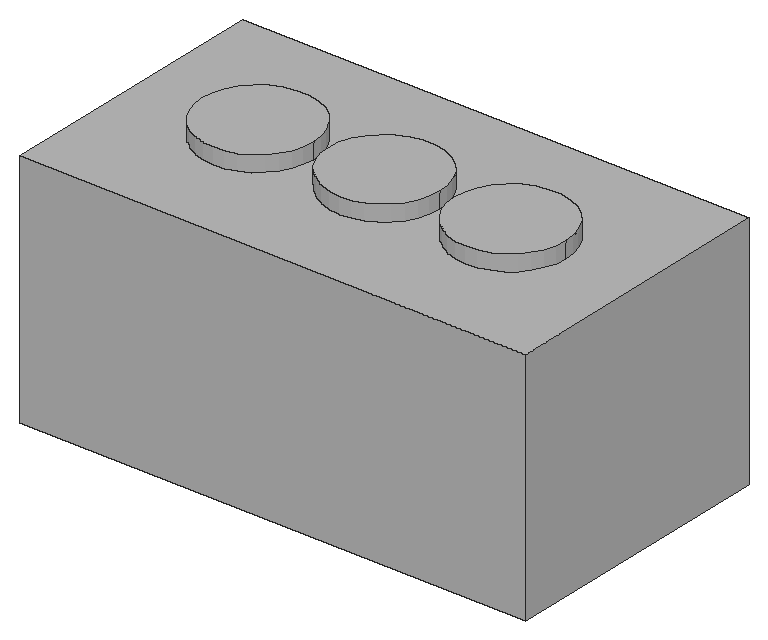
Revit family "Door-Component_Button-Control_RPP", category Generic Models, host Face, Revit 2026
Family settings
  Host = Face
  Can host rebar = No
  Round Connector Dimension = Use Diameter
  Part Type = Normal
  Classification Number = 23.30.40.11.34
  Cut with Voids When Loaded = No
  Maintain Annotation Orientation = No
  Shared = No
  Room Calculation Point = No
Parameters
  Warranty Duration (Years) = 0
  Unit Width = 0' - 7 15/16"
  Unit Height = 0' - 4 3/8"
  Unit Depth = 0' - 0"
  URL = "http://www.radiationproducts.com"
  Test Data = "http://www.radiationproducts.com/submittals.htm"
  Specification = "http://www.arcat.com/sd/clients/radiatpr.html?coid=35056"
  SpecWizard = "http://www.arcat.com/specwizard/13090rpp/index.htm?mf=&coid=35056"
  Send Message = "http://www.arcat.com/users.pl?action=UserEmail&company=Radiation%20Protection%20Products,%20Inc.&coid=35056&rep=144&fax=866-554-8445&mf="
  Sales Information = "http://www.radiationproducts.com/rfq.htm"
  Revision = "R1_01_2014"
  Product Properties = "http://www.arcat.com/bim/bim_info.pl?fn=Door_RadiationProtectionProducts"
  Product Data = "http://www.arcat.com/arcatcos/cos35/arc35056.html"
  Model = "As Specified"
  Manufacturer Website = "http://www.radiationproducts.com"
  Manufacturer Phone - Toll Free = "888-746-4777"
  Manufacturer Phone = ""
  Manufacturer Fax = "866-554-8445"
  Manufacturer Address = "1000 Superior Blvd.; Suite 310; Wayzata, MN 55391"
  Manufacturer = "Radiation Protection Products, Inc."
  Maintenance Schedule (Months) = 0
  Keynote = "13 49 00"
  Installation-Fabrication = ""
  Installation Phase = ""
  Green Building-LEED = "http://www.arcat.com/green/clients/leed_data_35056.html"
  Finish [instance] = Metal - RPP - Steel with Paint as Specified
  Expected Lifespan (Years) = 0
  Drawn By = "Sumex Design, Inc. / Robert S. Weygant, CSI, CDT, SCIP"
  Description = "Radiation Protection Products Product as Specified"
  Default Elevation = 0' - 0"
  Copyright = "©Arcat Inc."
  Construction Details = "http://www.arcat.com/details/radiatpr/radiatpr.html?coid=35056"
  Building Codes = ""
  Assembly Code = "F1030200"
Reference planes (in)
  plane 1 "Center (Front/Back)": y = 0
  plane 2: z = 0
  plane 3 "Center (Left/Right)": x = 0
  plane 4: y = 2.1875
  plane 5: y = -2.1875
  plane 6: x = -3.96875
  plane 7: x = 3.96875
  plane 8: z = 0.25
Forms (in)
  Extrusion 1, solid, material "Metal - RPP - Steel with Paint as Specified" <- "Finish"
    sketch origin (0, 0, 0) x (1, 0, 0) y (0, 1, 0)
      loop
        line (-3.96875, 2.1875) -> (-3.96875, -2.1875) -> (3.96875, -2.1875) -> (3.96875, 2.1875) -> (-3.96875, 2.1875)
    from -3.5 to 0.25
  Extrusion 2, solid, material "Metal - RPP - Steel with Paint as Specified" <- "Finish"
    sketch origin (-15.17702, -180, 0.25) x (-1, 0, 0) y (0, -1, 0)
      loop
        circle (-13.19265, -180) r 0.875
      loop
        circle (-15.17702, -180) r 0.875
      loop
        circle (-17.1614, -180) r 0.875
    from 0 to 0.25
Dimensions and locks (in)
  plane 8 to level = 0' - 0 1/4"
  equal spacing: plane 4, plane 1 "Center (Front/Back)", plane 5
  "Unit Height": plane 4 to plane 5
  equal spacing: plane 6, plane 3 "Center (Left/Right)", plane 7
  "Unit Width": plane 6 to plane 7
  plane 6 to plane 7 = 0' - 7 15/16"
  aligned and locked: plane 2 to host face
  aligned and locked: level to host face
Automatic sketch dimensions
  host sketch curve to host sketch curve = 8' - 0"  (x2)
  Extrusion 1 sketch curve to plane 5 = 0' - 0"
  Extrusion 1 sketch curve to plane 6 = 0' - 0"
  Extrusion 1 sketch curve to plane 7 = 0' - 0"
  Extrusion 1 sketch curve to plane 4 = 0' - 0"
  plane 1 "Center (Front/Back)" to Extrusion 2 sketch curve = 0' - 0"  (x3)
  Extrusion 2 sketch curve to plane 3 "Center (Left/Right)" = 0' - 0"
  Extrusion 2 sketch curve to Extrusion 2 sketch curve = 0' - 1 63/64"
  Extrusion 2 sketch curve to plane 3 "Center (Left/Right)" = 0' - 1 63/64"
  radius of Extrusion 2 sketch curve = 0' - 0 7/8"  (x3)
